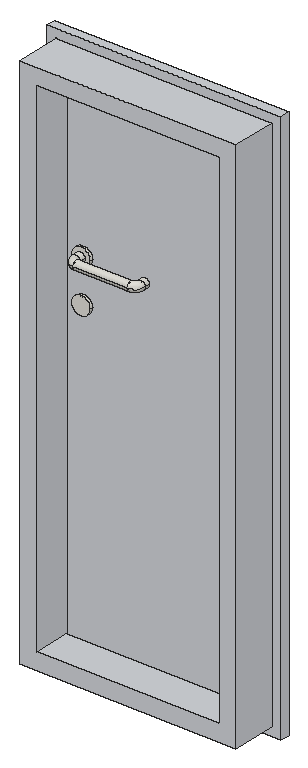
Revit family
Parameters (values of type "FSD3")
  프레임 투영 외부 = 25 mm
  프레임 투영 내부 = 25 mm
  프레임 폭 = 25 mm
  창호부호 = "FSD"
  Assembly Code = ""
  문틀재료 = ""
  문틀마감 = ""
  문짝재료 = ""
  문짝마감 = ""
  문번호 = ""
  Height = 1500 mm
  Wall Closure = (empty or 0)
  Width = 600 mm
Reference planes
  plane 1: y = 0
  plane 2 "중심(왼쪽/오른쪽)": x = 0
  plane 3 "왼쪽": x = -300
  plane 4 "오른쪽": x = 300
  plane 5: z = 1500
  plane 6 "외부": y = 95
  plane 7 "내부": y = -95
  plane 8 "축": x = -190
  plane 9: z = 940
  plane 10: y = 75
  plane 11: y = -75
Forms (mm)
  Extrusion 1, solid
    sketch origin (-3050, 95, 0) x (-1, 0, 0) y (0, 0, 1)
      loop
        line (-2750, 0) -> (-2750, 1500) -> (-3350, 1500) -> (-3350, 0) -> (-2750, 0)
      loop
        line (-2725, -25) -> (-2725, 1525) -> (-3375, 1525) -> (-3375, -25) -> (-2725, -25)
    from 0 to 25
  Sweep 2, solid
    path origin (0, -95, 0) x (1, 0, 0) y (0, 0, 1)
      loop
        line (-300, 0) -> (300, 0) -> (300, 1500) -> (-300, 1500) -> (-300, 0)
    profile origin (-300, -95, 750) x (-1, 0, 0) y (0, -1, 0)
      loop
        line (0, -65) -> (-45, -65) -> (-45, -170) -> (-30, -170) -> (-30, -215) -> (0, -215) -> (0, -65)
  Extrusion 3, solid
    sketch origin (0, 0, 0) x (1, 0, 0) y (0, 1, 0)
      loop
        line (-270, 75) -> (270, 75) -> (270, 115) -> (-270, 115) -> (-270, 75)
    from 0 to 1470
  Revolve 4, solid
    sketch origin (-190, 20, 0) x (0, -1, 0) y (0, 0, 1)
      loop
        arc (-114.576, 952.903) -> (-149.211, 974.937) -> (-180.957, 948.912) r 35
        line (-180.957, 948.912) -> (-177.421, 945.376) -> (-177.421, 940) -> (-75, 940) -> (-75, 952.903) -> (-114.576, 952.903)
      axis (-75, 940) -> (-180.957, 940)
    angle from 0 to 360
Lines and regions (mm)
  Opening 1
    outline origin (-3050, -95, 0) x (1, 0, 0) y (0, 0, 1)
      loop
        line (2750, 0) -> (3350, 0) -> (3350, 1500) -> (2750, 1500) -> (2750, 0)
  symbolic lines, style "입면도 스윙"
    curve 1: line (300, -95, 750) -> (-300, -95, 1500)
    curve 2: line (-300, 95, 0) -> (300, 95, 750)
  symbolic lines, style "Doors"
    curve 3: line (-236.819, 250.802, 0) -> (270, 115, 0)
    curve 4: line (-247.172, 212.165, 0) -> (-236.819, 250.802, 0)
    curve 5: line (259.647, 76.363, 0) -> (-247.172, 212.165, 0)
    curve 6: line (270, 115, 0) -> (259.647, 76.363, 0)
    curve 7: arc (-270.965, 120, 0) -> (-261.743, 166.773, 0) -> (-247.172, 212.165, 0) r 411.396
Text (mm)
  text "Exterior" at (-2295.016, 1099.543, 0), in view "참조 레벨"
  text "Exterior" at (0, 1615.38, 3698.081), in view "왼쪽"
  text "Exterior" at (0, 1036.032, 3874.932), in view "오른쪽"
Dimensions and locks
  equal spacing: plane 3 "왼쪽", plane 2 "중심(왼쪽/오른쪽)", plane 4 "오른쪽"
  "Width": plane 3 "왼쪽" to plane 4 "오른쪽"
  "Height": plane 5 to host wall
  host wall to plane 5 = 1500 mm  (x2)
  "프레임 투영 외부": Extrusion 1 to Extrusion 1
  "프레임 폭": plane 4 "오른쪽" to Extrusion 1 sketch curve
  "프레임 폭": plane 3 "왼쪽" to Extrusion 1 sketch curve
  "프레임 폭": plane 5 to Extrusion 1 sketch curve
  locked: plane 6 "외부" to host wall at 0
  locked: plane 7 "내부" to host wall
  locked: plane 3 "왼쪽" to plane 8 "축" at 110
  "프레임 폭": Extrusion 1 sketch curve to Extrusion 3
  aligned and locked: plane 3 "왼쪽" to Opening 1 sketch curve
  aligned and locked: plane 5 to Opening 1 sketch curve  (x2)
  aligned and locked: Opening 1 sketch curve to plane 4 "오른쪽"
  aligned and locked: Opening 1 sketch curve to level
  aligned and locked: plane 3 "왼쪽" to Extrusion 1 sketch curve
  aligned and locked: plane 5 to Extrusion 1 sketch curve  (x2)
  aligned and locked: plane 5 to curve 1
  aligned and locked: plane 1 to host wall
  aligned and locked: Extrusion 3 sketch curve to Sweep 2  (x2)
  aligned and locked: Extrusion 3 to Sweep 2
  aligned and locked: Sweep 2 sketch curve to plane 5
  aligned and locked: Sweep 2 sketch curve to plane 4 "오른쪽"
  aligned and locked: plane 3 "왼쪽" to Sweep 2 sketch curve
Automatic sketch dimensions
  Extrusion 3 sketch curve to host wall = 20 mm
  host wall to Extrusion 3 sketch curve = 20 mm
  Extrusion 1 sketch curve to level = 0 mm
  Extrusion 1 sketch curve to plane 4 "오른쪽" = 0 mm
  curve 2 to level = 0 mm
  curve 2 to plane 3 "왼쪽" = 0 mm
  curve 1 to plane 3 "왼쪽" = 0 mm
  curve 2 to plane 4 "오른쪽" = 0 mm
  curve 2 to curve 1 = 0 mm
  curve 1 to plane 4 "오른쪽" = 0 mm
  level to curve 2 = 750 mm
  Sweep 2 sketch curve to level = 0 mm
  Sweep 2 sketch curve to profile plane = 0 mm
  Sweep 2 sketch curve to Sweep 2 sketch curve = 30 mm
  Sweep 2 sketch curve to Sweep 2 sketch curve = 45 mm  (x2)
  Sweep 2 sketch curve to plane 7 "내부" = 215 mm
  Sweep 2 sketch curve to plane 7 "내부" = 65 mm
  Revolve 4 sketch curve to plane 9 = 0 mm  (x3)
  Revolve 4 sketch curve to host wall = 0 mm
  host wall to Revolve 4 sketch curve = 39.576 mm
  Revolve 4 sketch curve to Revolve 4 sketch curve = 5.424 mm
  Revolve 4 sketch curve to Revolve 4 sketch curve = 27.11 mm
  Revolve 4 sketch curve to Revolve 4 sketch curve = 30.311 mm
  Revolve 4 sketch curve to Revolve 4 sketch curve = 3.536 mm  (x2)
  Revolve 4 sketch curve to Revolve 4 sketch curve = 40.677 mm
  Revolve 4 sketch curve to plane 9 = 12.903 mm
  curve 7 to plane 3 "왼쪽" = 29.035 mm
  curve 5 to plane 3 "왼쪽" = 52.828 mm
  curve 4 to curve 4 = 10.353 mm
  curve 7 to plane 10 = 11.062 mm
  plane 2 "중심(왼쪽/오른쪽)" to curve 7 = 136.594 mm
  plane 10 to curve 6 = 1.363 mm
  plane 4 "오른쪽" to curve 6 = 40.353 mm
  curve 6 to curve 3 = 38.637 mm
Nested families
  nested 1: "KO_Door Handle" at (-210, 75, 0), type "KO_Door Handle"
Definition of nested family "KO_Door Handle"
  Reference planes
    plane 1 "중심(앞/뒤)": y = 0
    plane 2: z = 0
    plane 3 "중심(왼쪽/오른쪽)": x = 0
    plane 4 "하드웨어": z = 1000
  Forms (mm)
    Sweep 1, solid, material "하드웨어", detail levels fine
      path origin (0, 0, 1000) x (0, -1, 0) y (1, 0, 0)
        loop
          line (0, 0) -> (25, 0)
          arc (25, 0) -> (35.607, 4.393) -> (40, 15) r 15
          line (40, 15) -> (40, 165)
          arc (40, 165) -> (35.607, 175.607) -> (25, 180) r 15
          line (25, 180) -> (10, 180)
      profile origin (0, -12.5, 0) x (1, 0, 0) y (0, 0, 1)
        loop
          circle (0, 1000) r 12
    Extrusion 2, solid, material "하드웨어", detail levels fine
      sketch origin (0, 0, 0) x (1, 0, 0) y (0, 0, 1)
        loop
          circle (1.5, 1000) r 25
      from 0 to 8
    Extrusion 3, solid, material "하드웨어", detail levels fine
      sketch origin (0, 0, -120) x (1, 0, 0) y (0, 0, 1)
        loop
          circle (1.5, 1000) r 25
      from 0 to 8
  Cuts and joins
    joined: Sweep 1, Extrusion 2
  Dimensions and locks
    locked: plane 4 "하드웨어" to plane 2 at 1000
    locked: plane 4 "하드웨어" to Extrusion 3 at 120
